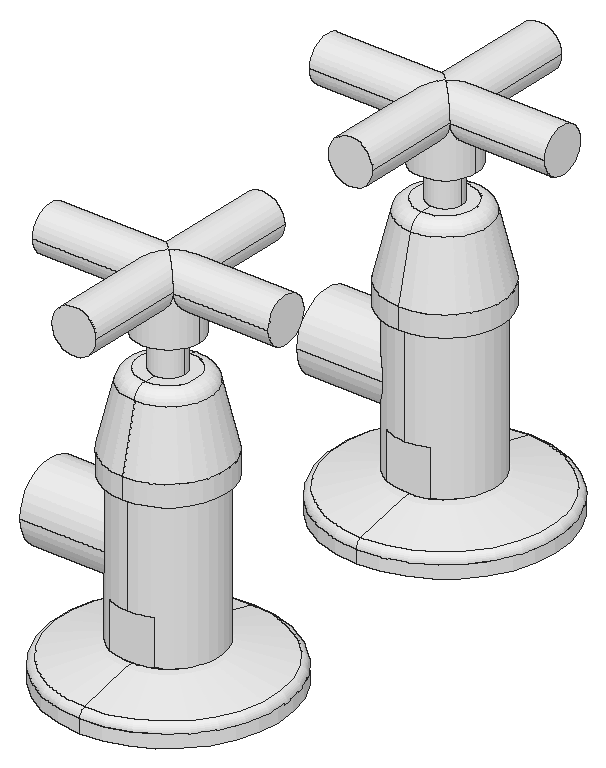
Revit family "Coolibah-Classic-Cross-Washing-Machine-Set-90330C", category Plumbing Fixtures, host Face, Revit 2015
Parameters (values of type "Coolibah-Classic-Cross-Washing-Machine-Set-90330C")
  URL = "https://www.caroma.com.au/"
  Model = "90330C"
  Material_Base = GWA_Metal-Chrome
  Manufacturer = "GWA Bathrooms & Kitchens"  # constant formula
  Description = "Coolibah-Classic-Cross-Washing-Machine-Set"
  Default Elevation = 900 mm
  CreatedBy_ANZRS = "GWA Bathrooms & Kitchens"  # constant formula
  Assembly Code = "C1030220"
Reference planes
  plane 1 "Center (Front/Back)": y = 0
  plane 2: z = 0
  plane 3 "Center (Left/Right)": x = 0
  plane 4 "Cold Handle": y = -50
  plane 5 "Hot Handle": y = 50
Forms (mm)
  Extrusion 1, solid, material "GWA_Metal-Chrome" <- "Material_Base"
    sketch origin (69.75, -50, 37.105) x (1, 0, 0) y (0, 1, 0)
      loop
        circle (-69.75, 0) r 4.75
    from 43 to 67.3
  Extrusion 2, solid, material "GWA_Metal-Chrome" <- "Material_Base"
    sketch origin (100, -50, 23) x (-1, 0, 0) y (0, 0, 1)
      loop
        circle (100, 82) r 6.4
    from -34 to 34
  Extrusion 3, solid, material "GWA_Metal-Chrome" <- "Material_Base"
    sketch origin (69.75, -50, 23) x (1, 0, 0) y (0, 1, 0)
      loop
        circle (-69.75, 0) r 9
    from 67.3 to 82
  Extrusion 4, solid, material "GWA_Metal-Chrome" <- "Material_Base"
    sketch origin (0, -6.258, 43.139) x (0, 1, 0) y (0, 0, 1)
      loop
        circle (-43.742, 61.861) r 6.4
    from -34 to 34
  Revolve 5, solid, material "GWA_Metal-Chrome" <- "Material_Base"
    sketch origin (0, 0, 0) x (0, 1, 0) y (0, 0, 1)
      loop
        arc (-80.256, 6.06) -> (-81.518, 5.153) -> (-82, 3.677) r 2.5
        line (-82, 3.677) -> (-82, 0) -> (-50, 0) -> (-50, 10.747)
        arc (-50, 10.747) -> (-65.309, 9.568) -> (-80.256, 6.06) r 100
      axis (-50, 10.747) -> (-50, 0)
    angle from 0 to 360
  Revolve 6, solid, material "GWA_Metal-Chrome" <- "Material_Base"
    sketch origin (0, 0, 0) x (0, 1, 0) y (0, 0, 1)
      loop
        line (-50, 9.2) -> (-50, 80.672) -> (-58.275, 80.672)
        arc (-58.275, 80.672) -> (-60.833, 79.748) -> (-62.208, 77.403) r 4
        arc (-62.208, 77.403) -> (-64.115, 68.48) -> (-66.5, 59.672) r 169.458
        line (-66.5, 59.672) -> (-66.5, 53.672) -> (-64.5, 53.672) -> (-64.5, 10.808) -> (-61.707, 9.2) -> (-50, 9.2)
      axis (-50, 80.672) -> (-50, 9.2)
    angle from 0 to 360
  Extrusion 7, void
    sketch origin (-50.63, -50, 0) x (0, 1, 0) y (0, 0, 1)
      loop
        line (19.417, 10.039) -> (19.417, 24.039) -> (13, 24.039) -> (13, 10.039) -> (19.417, 10.039)
    from 31.863 to 69.397
  Extrusion 8, void
    sketch origin (-50.63, -50, 0) x (0, -1, 0) y (0, 0, -1)
      loop
        line (19.417, -10.039) -> (13, -10.039) -> (13, -24.039) -> (19.417, -24.039) -> (19.417, -10.039)
    from 31.863 to 69.397
  Extrusion 9, solid, material "GWA_Metal-Chrome" <- "Material_Base"
    sketch origin (0, 0, 0) x (0, 1, 0) y (0, 0, 1)
      loop
        circle (-50, 34.493) r 11
    from -34 to 0
  Extrusion 10, solid, material "GWA_Metal-Chrome" <- "Material_Base"
    sketch origin (100, 50, 0) x (-1, 0, 0) y (0, 0, 1)
      loop
        circle (100, 105) r 6.4
    from -34 to 34
  Extrusion 11, solid, material "GWA_Metal-Chrome" <- "Material_Base"
    sketch origin (0, 93.742, 43.139) x (0, 1, 0) y (0, 0, 1)
      loop
        circle (-43.742, 61.861) r 6.4
    from -34 to 34
  Revolve 12, solid, material "GWA_Metal-Chrome" <- "Material_Base"
    sketch origin (0, 100, 0) x (0, 1, 0) y (0, 0, 1)
      loop
        line (-50, 9.2) -> (-50, 80.672) -> (-58.275, 80.672)
        arc (-58.275, 80.672) -> (-60.833, 79.748) -> (-62.208, 77.403) r 4
        arc (-62.208, 77.403) -> (-64.115, 68.48) -> (-66.5, 59.672) r 169.458
        line (-66.5, 59.672) -> (-66.5, 53.672) -> (-64.5, 53.672) -> (-64.5, 10.808) -> (-61.707, 9.2) -> (-50, 9.2)
      axis (-50, 80.672) -> (-50, 9.2)
    angle from 0 to 360
  Extrusion 13, void
    sketch origin (0.418, 150, 0) x (0, -1, 0) y (0, 0, 1)
      loop
        line (80.583, 10.039) -> (87, 10.039) -> (87, 24.039) -> (80.583, 24.039) -> (80.583, 10.039)
    from -19.78 to 20.617
  Extrusion 14, void
    sketch origin (0.418, 150, 0) x (0, -1, 0) y (0, 0, 1)
      loop
        line (119.417, 10.039) -> (119.417, 24.039) -> (113, 24.039) -> (113, 10.039) -> (119.417, 10.039)
    from -19.78 to 20.617
  Revolve 15, solid, material "GWA_Metal-Chrome" <- "Material_Base"
    sketch origin (0, 100, 0) x (0, 1, 0) y (0, 0, 1)
      loop
        arc (-80.256, 6.06) -> (-81.518, 5.153) -> (-82, 3.677) r 2.5
        line (-82, 3.677) -> (-82, 0) -> (-50, 0) -> (-50, 10.747)
        arc (-50, 10.747) -> (-65.309, 9.568) -> (-80.256, 6.06) r 100
      axis (-50, 10.747) -> (-50, 0)
    angle from 0 to 360
  Extrusion 16, solid, material "GWA_Metal-Chrome" <- "Material_Base"
    sketch origin (69.75, 50, 23) x (1, 0, 0) y (0, 1, 0)
      loop
        circle (-69.75, 0) r 9
    from 67.3 to 82
  Extrusion 17, solid, material "GWA_Metal-Chrome" <- "Material_Base"
    sketch origin (69.75, 50, 37.105) x (1, 0, 0) y (0, 1, 0)
      loop
        circle (-69.75, 0) r 4.75
    from 43 to 67.3
  Extrusion 18, solid, material "GWA_Metal-Chrome" <- "Material_Base"
    sketch origin (0, 100, 0) x (0, 1, 0) y (0, 0, 1)
      loop
        circle (-50, 34.493) r 11
    from -34 to 0
Cuts and joins
  Extrusion 7, Extrusion 8, Extrusion 13, Extrusion 14 cuts Revolve 6
  Extrusion 14 cuts Extrusion 9
  Extrusion 13, Extrusion 14 cuts Revolve 12
Lines and regions (mm)
  Masking region 1
    outline origin (0, 0, 0) x (1, 0, 0) y (0, 1, 0)
      loop
        line (6.4, -16) -> (-6.4, -16) -> (-6.4, -18.647)
        arc (-6.4, -18.647) -> (-20.874, -25.745) -> (-30.05, -39) r 32
        line (-30.05, -39) -> (-34, -39) -> (-34, -61) -> (-30.05, -61)
        arc (-30.05, -61) -> (-20.874, -74.255) -> (-6.4, -81.353) r 32
        line (-6.4, -81.353) -> (-6.4, -84) -> (6.4, -84) -> (6.4, -81.353)
        arc (6.4, -81.353) -> (22.627, -72.627) -> (31.353, -56.4) r 32
        line (31.353, -56.4) -> (34, -56.4) -> (34, -43.6) -> (31.353, -43.6)
        arc (31.353, -43.6) -> (22.627, -27.373) -> (6.4, -18.647) r 32
        line (6.4, -18.647) -> (6.4, -16)
  Masking region 2
    outline origin (0, 0, 0) x (0, 1, 0) y (0, 0, 1)
      loop
        line (-16, 111.4) -> (-84, 111.4) -> (-84, 98.6) -> (-59, 98.6) -> (-59, 90.3) -> (-54.75, 90.3) -> (-54.75, 80.672) -> (-58.275, 80.672)
        arc (-58.275, 80.672) -> (-60.833, 79.748) -> (-62.208, 77.403) r 4
        arc (-62.208, 77.403) -> (-64.115, 68.48) -> (-66.5, 59.672) r 169.458
        line (-66.5, 59.672) -> (-66.5, 53.672) -> (-64.5, 53.672) -> (-64.5, 24.039) -> (-63, 24.039) -> (-63, 9.898)
        arc (-63, 9.898) -> (-71.713, 8.361) -> (-80.256, 6.06) r 100
        arc (-80.256, 6.06) -> (-81.518, 5.153) -> (-82, 3.677) r 2.5
        line (-82, 3.677) -> (-82, 0) -> (-18, 0) -> (-18, 3.677)
        arc (-18, 3.677) -> (-18.482, 5.153) -> (-19.744, 6.06) r 2.5
        arc (-19.744, 6.06) -> (-28.287, 8.361) -> (-37, 9.898) r 100
        line (-37, 9.898) -> (-37, 24.039) -> (-35.5, 24.039) -> (-35.5, 53.672) -> (-33.5, 53.672) -> (-33.5, 59.672)
        arc (-33.5, 59.672) -> (-35.885, 68.48) -> (-37.792, 77.403) r 169.458
        arc (-37.792, 77.403) -> (-39.167, 79.748) -> (-41.725, 80.672) r 4
        line (-41.725, 80.672) -> (-45.25, 80.672) -> (-45.25, 90.3) -> (-41, 90.3) -> (-41, 98.6) -> (-16, 98.6) -> (-16, 111.4)
  Masking region 3
    outline origin (0, 0, 0) x (1, 0, 0) y (0, 0, 1)
      loop
        line (-34, 111.4) -> (-34, 98.6) -> (-9, 98.6) -> (-9, 90.3) -> (-4.75, 90.3) -> (-4.75, 80.672) -> (-8.275, 80.672)
        arc (-8.275, 80.672) -> (-10.833, 79.748) -> (-12.208, 77.403) r 4
        arc (-12.208, 77.403) -> (-14.115, 68.48) -> (-16.5, 59.672) r 169.458
        line (-16.5, 59.672) -> (-16.5, 53.672) -> (-14.5, 53.672) -> (-14.5, 45.493) -> (-34, 45.493) -> (-34, 23.493) -> (-14.5, 23.493) -> (-14.5, 10.808) -> (-12.938, 9.906)
        arc (-12.938, 9.906) -> (-21.683, 8.368) -> (-30.256, 6.06) r 100
        arc (-30.256, 6.06) -> (-31.518, 5.153) -> (-32, 3.677) r 2.5
        line (-32, 3.677) -> (-32, 0) -> (32, 0) -> (32, 3.677)
        arc (32, 3.677) -> (31.518, 5.153) -> (30.256, 6.06) r 2.5
        arc (30.256, 6.06) -> (21.683, 8.368) -> (12.938, 9.906) r 100
        line (12.938, 9.906) -> (14.5, 10.808) -> (14.5, 53.672) -> (16.5, 53.672) -> (16.5, 59.672)
        arc (16.5, 59.672) -> (14.115, 68.48) -> (12.208, 77.403) r 169.458
        arc (12.208, 77.403) -> (10.833, 79.748) -> (8.275, 80.672) r 4
        line (8.275, 80.672) -> (4.75, 80.672) -> (4.75, 90.3) -> (9, 90.3) -> (9, 98.6) -> (34, 98.6) -> (34, 111.4) -> (-34, 111.4)
  Masking region 4
    outline origin (0, 100, 0) x (0, 1, 0) y (0, 0, 1)
      loop
        line (-16, 111.4) -> (-84, 111.4) -> (-84, 98.6) -> (-59, 98.6) -> (-59, 90.3) -> (-54.75, 90.3) -> (-54.75, 80.672) -> (-58.275, 80.672)
        arc (-58.275, 80.672) -> (-60.833, 79.748) -> (-62.208, 77.403) r 4
        arc (-62.208, 77.403) -> (-64.115, 68.48) -> (-66.5, 59.672) r 169.458
        line (-66.5, 59.672) -> (-66.5, 53.672) -> (-64.5, 53.672) -> (-64.5, 24.039) -> (-63, 24.039) -> (-63, 9.898)
        arc (-63, 9.898) -> (-71.713, 8.361) -> (-80.256, 6.06) r 100
        arc (-80.256, 6.06) -> (-81.518, 5.153) -> (-82, 3.677) r 2.5
        line (-82, 3.677) -> (-82, 0) -> (-18, 0) -> (-18, 3.677)
        arc (-18, 3.677) -> (-18.482, 5.153) -> (-19.744, 6.06) r 2.5
        arc (-19.744, 6.06) -> (-28.287, 8.361) -> (-37, 9.898) r 100
        line (-37, 9.898) -> (-37, 24.039) -> (-35.5, 24.039) -> (-35.5, 53.672) -> (-33.5, 53.672) -> (-33.5, 59.672)
        arc (-33.5, 59.672) -> (-35.885, 68.48) -> (-37.792, 77.403) r 169.458
        arc (-37.792, 77.403) -> (-39.167, 79.748) -> (-41.725, 80.672) r 4
        line (-41.725, 80.672) -> (-45.25, 80.672) -> (-45.25, 90.3) -> (-41, 90.3) -> (-41, 98.6) -> (-16, 98.6) -> (-16, 111.4)
  symbolic lines
    curve 1: line (0, -16, 111.4) -> (0, -84, 111.4)
    curve 2: line (0, -84, 111.4) -> (0, -84, 98.6)
    curve 3: line (0, -84, 98.6) -> (0, -59, 98.6)
    curve 4: line (0, -59, 98.6) -> (0, -59, 90.3)
    curve 5: line (0, -16, 111.4) -> (0, -16, 98.6)
    curve 6: line (0, -16, 98.6) -> (0, -41, 98.6)
    curve 7: line (0, -41, 98.6) -> (0, -41, 90.3)
    curve 8: line (0, -41, 90.3) -> (0, -59, 90.3)
    curve 9: circle (0, -50, 105) r 6.4 normal (1, 0, 0)
    curve 10: arc (0, -56.4, 105) -> (0, -57.185, 101.591) -> (0, -59, 98.6) r 11
    curve 11: arc (0, -43.6, 105) -> (0, -42.815, 101.591) -> (0, -41, 98.6) r 11
    curve 12: line (0, -54.75, 80.672) -> (0, -54.75, 90.3)
    curve 13: line (0, -45.25, 80.672) -> (0, -45.25, 90.3)
    curve 14: line (-34, 0, 111.4) -> (34, 0, 111.4)
    curve 15: line (34, 0, 111.4) -> (34, 0, 98.6)
    curve 16: line (34, 0, 98.6) -> (9, 0, 98.6)
    curve 17: line (9, 0, 98.6) -> (9, 0, 90.3)
    curve 18: line (9, 0, 90.3) -> (-9, 0, 90.3)
    curve 19: line (-34, 0, 111.4) -> (-34, 0, 98.6)
    curve 20: line (-34, 0, 98.6) -> (-9, 0, 98.6)
    curve 21: line (-9, 0, 98.6) -> (-9, 0, 90.3)
    curve 22: circle (0, 0, 105) r 6.4 normal (0, -1, 0)
    curve 23: arc (-6.4, 0, 105) -> (-7.185, 0, 101.591) -> (-9, 0, 98.6) r 11
    curve 24: arc (6.4, 0, 105) -> (7.185, 0, 101.591) -> (9, 0, 98.6) r 11
    curve 25: line (4.75, 0, 80.672) -> (4.75, 0, 90.3)
    curve 26: line (-4.75, 0, 80.672) -> (-4.75, 0, 90.3)
    curve 27: arc (6.4, -18.647, 0) -> (22.627, -27.373, 0) -> (31.353, -43.6, 0) r 32
    curve 28: line (6.4, -16, 0) -> (-6.4, -16, 0)
    curve 29: arc (-6.4, -81.353, 0) -> (-20.874, -74.255, 0) -> (-30.05, -61, 0) r 32
    curve 30: line (-34, -39, 0) -> (-34, -61, 0)
    curve 31: line (34, -43.6, 0) -> (34, -56.4, 0)
    curve 32: line (34, -56.4, 0) -> (6.4, -56.4, 0)
    curve 33: line (6.4, -84, 0) -> (6.4, -56.4, 0)
    curve 34: line (6.4, -84, 0) -> (-6.4, -84, 0)
    curve 35: line (-6.4, -84, 0) -> (-6.4, -56.4, 0)
    curve 36: line (34, -43.6, 0) -> (6.4, -43.6, 0)
    curve 37: line (6.4, -16, 0) -> (6.4, -43.6, 0)
    curve 38: line (-6.4, -16, 0) -> (-6.4, -43.6, 0)
    curve 39: line (-34, -43.6, 0) -> (-6.4, -43.6, 0)
    curve 40: line (-34, -56.4, 0) -> (-6.4, -56.4, 0)
    curve 41: arc (-6.4, -34.792, 0) -> (-11.667, -38.333, 0) -> (-15.208, -43.6, 0) r 16.5
    curve 42: arc (15.208, -43.6, 0) -> (11.667, -38.333, 0) -> (6.4, -34.792, 0) r 16.5
    curve 43: arc (6.4, -65.208, 0) -> (11.667, -61.667, 0) -> (15.208, -56.4, 0) r 16.5
    curve 44: arc (-15.208, -56.4, 0) -> (-11.667, -61.667, 0) -> (-6.4, -65.208, 0) r 16.5
    curve 45: arc (-30.05, -39, 0) -> (-20.874, -25.745, 0) -> (-6.4, -18.647, 0) r 32
    curve 46: arc (31.353, -56.4, 0) -> (22.627, -72.627, 0) -> (6.4, -81.353, 0) r 32
    curve 47: line (-34, -39, 0) -> (-12.298, -39, 0)
    curve 48: line (-34, -61, 0) -> (-12.298, -61, 0)
    curve 49: arc (6.4, 81.353, 0) -> (22.627, 72.627, 0) -> (31.353, 56.4, 0) r 32
    curve 50: line (6.4, 84, 0) -> (-6.4, 84, 0)
    curve 51: arc (-6.4, 18.647, 0) -> (-20.874, 25.745, 0) -> (-30.05, 39, 0) r 32
    curve 52: line (-34, 61, 0) -> (-34, 39, 0)
    curve 53: line (34, 56.4, 0) -> (34, 43.6, 0)
    curve 54: line (34, 43.6, 0) -> (6.4, 43.6, 0)
    curve 55: line (6.4, 16, 0) -> (6.4, 43.6, 0)
    curve 56: line (6.4, 16, 0) -> (-6.4, 16, 0)
    curve 57: line (-6.4, 16, 0) -> (-6.4, 43.6, 0)
    curve 58: line (34, 56.4, 0) -> (6.4, 56.4, 0)
    curve 59: line (6.4, 84, 0) -> (6.4, 56.4, 0)
    curve 60: line (-6.4, 84, 0) -> (-6.4, 56.4, 0)
    curve 61: line (-34, 56.4, 0) -> (-6.4, 56.4, 0)
    curve 62: line (-34, 43.6, 0) -> (-6.4, 43.6, 0)
    curve 63: arc (-6.4, 65.208, 0) -> (-11.667, 61.667, 0) -> (-15.208, 56.4, 0) r 16.5
    curve 64: arc (15.208, 56.4, 0) -> (11.667, 61.667, 0) -> (6.4, 65.208, 0) r 16.5
    curve 65: arc (6.4, 34.792, 0) -> (11.667, 38.333, 0) -> (15.208, 43.6, 0) r 16.5
    curve 66: arc (-15.208, 43.6, 0) -> (-11.667, 38.333, 0) -> (-6.4, 34.792, 0) r 16.5
    curve 67: arc (-30.05, 61, 0) -> (-20.874, 74.255, 0) -> (-6.4, 81.353, 0) r 32
    curve 68: arc (31.353, 43.6, 0) -> (22.627, 27.373, 0) -> (6.4, 18.647, 0) r 32
    curve 69: line (-34, 61, 0) -> (-12.298, 61, 0)
    curve 70: line (-34, 39, 0) -> (-12.298, 39, 0)
    curve 71: line (-16.5, 0, 53.672) -> (16.5, 0, 53.672)
    curve 72: line (-16.5, 0, 59.672) -> (16.5, 0, 59.672)
    curve 73: line (14.5, 0, 53.672) -> (14.5, 0, 10.808)
    curve 74: line (-34, 0, 23.493) -> (-14.5, 0, 23.493)
    curve 75: line (-32, 0, 0) -> (32, 0, 0)
    curve 76: line (32, 0, 0) -> (32, 0, 3.677)
    curve 77: arc (0, -62.208, 77.403) -> (0, -60.833, 79.748) -> (0, -58.275, 80.672) r 4
    curve 78: arc (0, -66.5, 59.672) -> (0, -64.115, 68.48) -> (0, -62.208, 77.403) r 169.458
    curve 79: arc (0, -80.256, 6.06) -> (0, -50, 10.747) -> (0, -19.744, 6.06) r 100
    curve 80: arc (0, -37.792, 77.403) -> (0, -39.167, 79.748) -> (0, -41.725, 80.672) r 4
    curve 81: arc (0, -33.5, 59.672) -> (0, -35.885, 68.48) -> (0, -37.792, 77.403) r 169.458
    curve 82: line (0, -58.275, 80.672) -> (0, -41.725, 80.672)
    curve 83: line (0, -66.5, 59.672) -> (0, -66.5, 53.672)
    curve 84: line (0, -33.5, 59.672) -> (0, -33.5, 53.672)
    curve 85: line (0, -66.5, 59.672) -> (0, -33.5, 59.672)
    curve 86: line (0, -66.5, 53.672) -> (0, -33.5, 53.672)
    curve 87: line (0, -35.5, 53.672) -> (0, -35.5, 24.039)
    curve 88: line (0, -64.5, 24.039) -> (0, -64.5, 53.672)
    curve 89: line (0, -18, 0) -> (0, -18, 3.677)
    curve 90: line (0, -82, 0) -> (0, -82, 3.677)
    curve 91: arc (0, -82, 3.677) -> (0, -81.518, 5.153) -> (0, -80.256, 6.06) r 2.5
    curve 92: arc (0, -18, 3.677) -> (0, -18.482, 5.153) -> (0, -19.744, 6.06) r 2.5
    curve 93: line (0, 84, 111.4) -> (0, 16, 111.4)
    curve 94: line (0, 16, 111.4) -> (0, 16, 98.6)
    curve 95: line (0, 16, 98.6) -> (0, 41, 98.6)
    curve 96: line (0, 41, 98.6) -> (0, 41, 90.3)
    curve 97: line (0, 84, 111.4) -> (0, 84, 98.6)
    curve 98: line (0, 84, 98.6) -> (0, 59, 98.6)
    curve 99: line (0, 59, 98.6) -> (0, 59, 90.3)
    curve 100: line (0, 59, 90.3) -> (0, 41, 90.3)
    curve 101: circle (0, 50, 105) r 6.4 normal (1, 0, 0)
    curve 102: arc (0, 43.6, 105) -> (0, 42.815, 101.591) -> (0, 41, 98.6) r 11
    curve 103: arc (0, 56.4, 105) -> (0, 57.185, 101.591) -> (0, 59, 98.6) r 11
    curve 104: line (0, 45.25, 80.672) -> (0, 45.25, 90.3)
    curve 105: line (0, 54.75, 80.672) -> (0, 54.75, 90.3)
    curve 106: arc (0, 37.792, 77.403) -> (0, 39.167, 79.748) -> (0, 41.725, 80.672) r 4
    curve 107: arc (0, 33.5, 59.672) -> (0, 35.885, 68.48) -> (0, 37.792, 77.403) r 169.458
    curve 108: arc (0, 19.744, 6.06) -> (0, 50, 10.747) -> (0, 80.256, 6.06) r 100
    curve 109: arc (0, 62.208, 77.403) -> (0, 60.833, 79.748) -> (0, 58.275, 80.672) r 4
    curve 110: arc (0, 66.5, 59.672) -> (0, 64.115, 68.48) -> (0, 62.208, 77.403) r 169.458
    curve 111: line (0, 41.725, 80.672) -> (0, 58.275, 80.672)
    curve 112: line (0, 33.5, 59.672) -> (0, 33.5, 53.672)
    curve 113: line (0, 66.5, 59.672) -> (0, 66.5, 53.672)
    curve 114: line (0, 33.5, 59.672) -> (0, 66.5, 59.672)
    curve 115: line (0, 33.5, 53.672) -> (0, 66.5, 53.672)
    curve 116: line (0, 64.5, 53.672) -> (0, 64.5, 24.039)
    curve 117: line (0, 35.5, 24.039) -> (0, 35.5, 53.672)
    curve 118: line (0, 82, 0) -> (0, 82, 3.677)
    curve 119: line (0, 18, 0) -> (0, 18, 3.677)
    curve 120: arc (0, 18, 3.677) -> (0, 18.482, 5.153) -> (0, 19.744, 6.06) r 2.5
    curve 121: arc (0, 82, 3.677) -> (0, 81.518, 5.153) -> (0, 80.256, 6.06) r 2.5
    curve 122: arc (12.208, 0, 77.403) -> (10.833, 0, 79.748) -> (8.275, 0, 80.672) r 4
    curve 123: arc (16.5, 0, 59.672) -> (14.115, 0, 68.48) -> (12.208, 0, 77.403) r 169.458
    curve 124: arc (30.256, 0, 6.06) -> (0, 0, 10.747) -> (-30.256, 0, 6.06) r 100
    curve 125: line (8.275, 0, 80.672) -> (-8.275, 0, 80.672)
    curve 126: arc (-12.208, 0, 77.403) -> (-10.833, 0, 79.748) -> (-8.275, 0, 80.672) r 4
    curve 127: arc (-16.5, 0, 59.672) -> (-14.115, 0, 68.48) -> (-12.208, 0, 77.403) r 169.458
    curve 128: line (-34, 0, 23.493) -> (-34, 0, 45.493)
    curve 129: line (-34, 0, 45.493) -> (-14.5, 0, 45.493)
    curve 130: line (-14.5, 0, 45.493) -> (-14.5, 0, 53.672)
    curve 131: line (-32, 0, 0) -> (-32, 0, 3.677)
    curve 132: arc (-32, 0, 3.677) -> (-31.518, 0, 5.153) -> (-30.256, 0, 6.06) r 2.5
    curve 133: arc (30.256, 0, 6.06) -> (31.518, 0, 5.153) -> (32, 0, 3.677) r 2.5
    curve 134: line (-14.5, 0, 23.493) -> (-14.5, 0, 10.808)
    curve 135: line (-14.5, 0, 10.808) -> (-12.938, 0, 9.906)
    curve 136: line (12.938, 0, 9.906) -> (14.5, 0, 10.808)
    curve 137: line (0, 37, 24.039) -> (0, 37, 9.898)
    curve 138: line (0, 63, 24.039) -> (0, 63, 9.898)
Dimensions and locks
  aligned and locked: plane 2 to host face
  aligned and locked: level to host face
Connectors
  piping at (0, 50, 0), diameter 20
    settings: index 1, connector inside diameter 609.6 mm, connector length 0 mm, flow factor 0, pipe flow 0.0 L/s, pressure drop 0.0 Pa, fitting loss kfactor 0, connector angle 0.00°, fixture units 0, engagement length 0 mm, angle of deflection 0.00°, flow configuration 3, flow direction 1, fitting loss method 0, system type 19, joint type 0, gender type 0, connector reference index -1, connector utility 0, adjustable connector no, is connector primary yes, connector description ""
  piping at (0, -50, 0), diameter 20
    settings: index 2, connector inside diameter 609.6 mm, connector length 0 mm, flow factor 0, pipe flow 0.0 L/s, pressure drop 0.0 Pa, fitting loss kfactor 0, connector angle 0.00°, fixture units 0, engagement length 0 mm, angle of deflection 0.00°, flow configuration 3, flow direction 1, fitting loss method 0, system type 20, joint type 0, gender type 0, connector reference index -1, connector utility 0, adjustable connector no, is connector primary no, connector description ""
